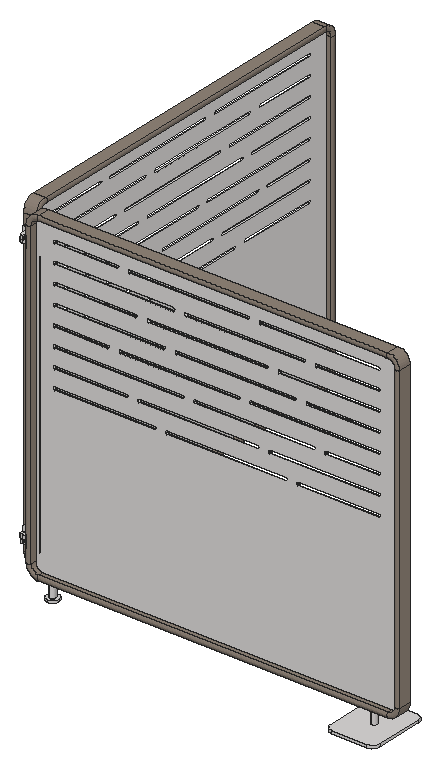
Revit family "Screen-Teknion-ZNFGH_Hinged_Screen-R2019", category Furniture, Revit 2020 (continued)
Forms (in)
  Sweep 20, void
    profile origin (-17.57337, -8.8089, 0) x (0, 1, 0) y (0, 0, 1)
      loop
        arc (52.89084, 48.55214) -> (52.80435, 48.76093) -> (52.59556, 48.84742) r 0.29528
        line (52.59556, 48.84742) -> (42.68036, 48.84742)
        arc (42.68036, 48.84742) -> (42.47157, 48.76093) -> (42.38509, 48.55214) r 0.29528
        arc (42.38509, 48.55214) -> (42.47157, 48.34335) -> (42.68036, 48.25687) r 0.29528
      loop
        line (52.59556, 45.83561) -> (36.68036, 45.83561)
        arc (36.68036, 45.83561) -> (36.47157, 45.74912) -> (36.38509, 45.54033) r 0.29528
        arc (36.38509, 45.54033) -> (36.47157, 45.33154) -> (36.68036, 45.24506) r 0.29528
        line (36.68036, 45.24506) -> (52.59556, 45.24506)
        arc (52.59556, 45.24506) -> (52.80435, 45.33154) -> (52.89084, 45.54033) r 0.29528
        arc (52.89084, 45.54033) -> (52.80435, 45.74912) -> (52.59556, 45.83561) r 0.29528
      loop
        line (34.58981, 45.83561) -> (15.68036, 45.83561)
        arc (15.68036, 45.83561) -> (15.47157, 45.74912) -> (15.38509, 45.54033) r 0.29528
        arc (15.38509, 45.54033) -> (15.47157, 45.33154) -> (15.68036, 45.24506) r 0.29528
        line (15.68036, 45.24506) -> (34.58981, 45.24506)
        arc (34.58981, 45.24506) -> (34.7986, 45.33154) -> (34.88509, 45.54033) r 0.29528
        arc (34.88509, 45.54033) -> (34.7986, 45.74912) -> (34.58981, 45.83561) r 0.29528
      loop
        line (13.58981, 45.83561) -> (0.67462, 45.83561)
        arc (0.67462, 45.83561) -> (0.37934, 45.54033) -> (0.67462, 45.24506) r 0.29528
        line (0.67462, 45.24506) -> (13.58981, 45.24506)
        arc (13.58981, 45.24506) -> (13.7986, 45.33154) -> (13.88509, 45.54033) r 0.29528
        arc (13.88509, 45.54033) -> (13.7986, 45.74912) -> (13.58981, 45.83561) r 0.29528
      loop
        line (19.58981, 48.84742) -> (0.67462, 48.84742)
        arc (0.67462, 48.84742) -> (0.37934, 48.55214) -> (0.67462, 48.25687) r 0.29528
        line (0.67462, 48.25687) -> (19.58981, 48.25687)
        arc (19.58981, 48.25687) -> (19.7986, 48.34335) -> (19.88509, 48.55214) r 0.29528
        arc (19.88509, 48.55214) -> (19.7986, 48.76093) -> (19.58981, 48.84742) r 0.29528
  Sweep 21, void
    path origin (-17.94868, -13.34424, 0) x (1, 0, 0) y (0, 0, 1)
      loop
        line (45.12175, 0) -> (3.12175, 0)
    profile origin (6.17307, -13.34424, 0) x (0, 0, -1) y (0, -1, 0)
      loop
        line (0, -1.95783) -> (0, 0) -> (-55.0595, 0) -> (-55.0595, -1.95783) -> (0, -1.95783)
Cuts and joins
  Sweep 15, Sweep 17, Sweep 18, Sweep 19, Sweep 20 cuts Sweep 8
  Sweep 20 cuts Sweep 16
Lines and regions (in)
  Masking region 1
    outline origin (0, 0, 0) x (1, 0, 0) y (0, 1, 0)
      loop
        line (-18.32439, -12.36177) -> (-18.31008, -13.18168)
        arc (-18.31008, -13.18168) -> (-18.27616, -13.42305) -> (-18.18485, -13.64904) r 1
        line (-18.18485, -13.64904) -> (-18.10743, -13.78871) -> (-17.78938, -13.78871) -> (-17.71196, -13.64904)
        arc (-17.71196, -13.64904) -> (-17.62065, -13.42305) -> (-17.58673, -13.18168) r 1
        line (-17.58673, -13.18168) -> (-17.57242, -12.36177) -> (-18.32439, -12.36177)
  Masking region 2
    outline origin (0, 0, 0) x (1, 0, 0) y (0, 1, 0)
      loop
        line (-18.87032, -12.17381) -> (-18.87032, -12.36181) -> (-17.02676, -12.36181) -> (-17.02676, -12.17381) -> (-18.87032, -12.17381)
  Masking region 3
    outline origin (0, 0, 0) x (1, 0, 0) y (0, 1, 0)
      loop
        arc (-18.93293, 47.82684) -> (-19.04965, 47.64233) -> (-19.09045, 47.42784) r 0.58407
        line (-19.09045, 47.42784) -> (-19.09045, -11.77245)
        arc (-19.09045, -11.77245) -> (-19.04966, -11.98804) -> (-18.93293, -12.17381) r 0.59007
        line (-18.93293, -12.17381) -> (-16.96442, -12.17381)
        arc (-16.96442, -12.17381) -> (-16.84769, -11.98804) -> (-16.8069, -11.77245) r 0.59007
        line (-16.8069, -11.77245) -> (-16.8069, 47.42784)
        arc (-16.8069, 47.42784) -> (-16.84771, 47.64233) -> (-16.96442, 47.82684) r 0.58407
        line (-16.96442, 47.82684) -> (-18.93293, 47.82684)
  Masking region 4
    outline origin (0, 0, 0) x (1, 0, 0) y (0, 1, 0)
      loop
        line (-22.94868, 45.70324) -> (-22.94868, 40.06544)
        arc (-22.94868, 40.06544) -> (-22.60274, 39.23028) -> (-21.76757, 38.88434) r 1.1811
        line (-21.76757, 38.88434) -> (-14.12978, 38.88434)
        arc (-14.12978, 38.88434) -> (-13.29461, 39.23028) -> (-12.94868, 40.06544) r 1.1811
        line (-12.94868, 40.06544) -> (-12.94868, 45.70324)
        arc (-12.94868, 45.70324) -> (-13.29461, 46.5384) -> (-14.12978, 46.88434) r 1.1811
        line (-14.12978, 46.88434) -> (-21.76757, 46.88434)
        arc (-21.76757, 46.88434) -> (-22.60274, 46.5384) -> (-22.94868, 45.70324) r 1.1811
  symbolic lines, style "FurnitureHiddenLines"
    curve 1: line (-17.57159, -12.29881, 0) -> (-18.32576, -12.29881, 0)
    curve 2: line (-18.32576, -12.29881, 0) -> (-18.31405, -12.96992, 0)
    curve 3: line (-18.31405, -12.96992, 0) -> (-17.58331, -12.96992, 0)
    curve 4: line (-17.58331, -12.96992, 0) -> (-17.57159, -12.29881, 0)
  symbolic lines, style "FurnitureHiddenLines", detail levels fine
    curve 5: line (-18.78618, 45.17725, 0) -> (-18.78618, 42.07173, 0)
    curve 6: line (-18.78618, 42.07173, 0) -> (-17.11079, 42.07173, 0)
    curve 7: line (-17.11079, 42.07173, 0) -> (-17.11079, 45.17725, 0)
    curve 8: line (-17.11079, 45.17725, 0) -> (-18.78618, 45.17725, 0)
    curve 9: arc (-17.44821, 42.88413, 0) -> (-17.94821, 43.38413, 0) -> (-18.44821, 42.88413, 0) r 0.5
    curve 10: arc (-18.44821, 42.88413, 0) -> (-17.94821, 42.38413, 0) -> (-17.44821, 42.88413, 0) r 0.5
    curve 11: line (-18.78637, -6.27381, 0) -> (-18.78637, -9.52387, 0)
    curve 12: line (-18.78637, -9.52387, 0) -> (-17.11098, -9.52387, 0)
    curve 13: line (-17.11098, -9.52387, 0) -> (-17.11098, -6.27381, 0)
    curve 14: line (-17.11098, -6.27381, 0) -> (-18.78637, -6.27381, 0)
    curve 15: arc (-17.94897, -7.712, 0) -> (-18.94897, -8.712, 0) -> (-17.94897, -9.712, 0) r 1
    curve 16: arc (-17.94897, -9.712, 0) -> (-16.94897, -8.712, 0) -> (-17.94897, -7.712, 0) r 1
    curve 21: arc (-17.44754, -8.71228, 0) -> (-17.94754, -8.21228, 0) -> (-18.44754, -8.71228, 0) r 0.5
    curve 22: arc (-18.44754, -8.71228, 0) -> (-17.94754, -9.21228, 0) -> (-17.44754, -8.71228, 0) r 0.5
    curve 23: arc (-18.32393, -8.7146, 0) -> (-17.94729, -9.09124, 0) -> (-17.57066, -8.7146, 0) r 0.37663
    curve 24: arc (-17.57066, -8.7146, 0) -> (-17.94729, -8.33797, 0) -> (-18.32393, -8.7146, 0) r 0.37663
  symbolic lines, style "FurnitureHiddenLines", detail levels medium+fine
    curve 17: line (-17.82693, -11.38641, 0) -> (-17.82693, 47.03955, 0)
    curve 18: line (-18.07043, 47.03955, 0) -> (-18.07043, -11.38641, 0)
    curve 19: line (-17.82693, 47.03955, 0) -> (-18.07043, 47.03955, 0)
    curve 20: line (-17.82693, -11.38641, 0) -> (-18.07043, -11.38641, 0)
  reference lines
    curve 25: line (-22.94868, 47.82684, 0) -> (-22.94868, -18.33516, 0)
    curve 26: line (-22.94868, -18.33516, 0) -> (43.21332, -18.33516, 0)
    curve 27: line (-17.94868, -13.34424, 0) -> (43.21332, -13.34424, 0)
    curve 28: line (-17.94868, -13.34424, 0) -> (-17.94868, -5.34424, 0)
Dimensions and locks (in)
  locked: plane 4 "Left" to plane 5 "Right" at 66.162
  "Actual Screen 1 Width": plane 6 "Back" to plane 7 "Front"
  locked: plane 8 "Top" to level at 55.0595
  equal spacing: plane 4 "Left", plane 3 "Center Left/Right", plane 5 "Right"
  equal spacing: plane 6 "Back", plane 1 "Center Front/Back", plane 7 "Front"
  Sweep 1 sketch curve to Sweep 1 sketch curve to plane 2 = 0.105" locked, 2.4575" locked
  plane 7 "Front" to Sweep 1 sketch curve to Sweep 1 sketch curve = 8.81129" locked, 3.25006" locked
  Sweep 1 sketch curve to Sweep 1 sketch curve to plane 4 "Left" = 1.67539" locked, 4.16231" locked
  Sweep 2 sketch curve to Sweep 2 sketch curve to plane 2 = 1.9996" locked, 0.4579" locked
  Sweep 4 sketch curve to Sweep 4 sketch curve to plane 2 = 0.21601" locked, 0.24189" locked
  locked: Sweep 1 sketch curve to plane 7 "Front" at 10.46609
  locked: Sweep 2 sketch curve to plane 7 "Front" at 9.58216
  locked: plane 4 "Left" to Sweep 2 sketch curve at 5.00114
  locked: plane 7 "Front" to Sweep 2 sketch curve at 9.62288
  locked: Sweep 4 sketch curve to plane 7 "Front" at 9.62288
  locked: plane 4 "Left" to Sweep 4 sketch curve at 5.00138
  locked: plane 7 "Front" to Sweep 4 sketch curve at 9.62056
  locked: Sweep 3 sketch curve to plane 2 at 0.24189
  locked: Sweep 3 sketch curve to plane 7 "Front" at 9.7717
  locked: plane 4 "Left" to Sweep 3 sketch curve at 4.99971
  locked: plane 7 "Front" to Sweep 3 sketch curve at 9.62316
  Sweep 5 sketch curve to Sweep 5 sketch curve to plane 6 "Back" = 8.000" locked, 0.9425" locked
  Sweep 6 sketch curve to Sweep 6 sketch curve to plane 2 = 2.0825" locked, 0.375" locked
  Sweep 7 sketch curve to Sweep 7 sketch curve to plane 2 = 0.105" locked, 2.4575" locked
  Sweep 7 sketch curve to Sweep 7 sketch curve to plane 6 "Back" = 3.10552" locked, 2.64959" locked
  Sweep 7 sketch curve to Sweep 7 sketch curve to plane 4 "Left" = 1.67539" locked, 4.1625" locked
  locked: Sweep 5 sketch curve to plane 2 at 0.375
  locked: plane 6 "Back" to Sweep 5 sketch curve at 5.4425
  locked: plane 4 "Left" to Sweep 5 sketch curve at 10
  locked: plane 6 "Back" to Sweep 6 sketch curve at 4.94271
  locked: plane 4 "Left" to Sweep 6 sketch curve at 5.00046
  locked: plane 6 "Back" to Sweep 6 sketch curve at 5.11027
  locked: plane 6 "Back" to Sweep 7 sketch curve at 4.17253
  Sweep 8 sketch curve to Sweep 8 sketch curve to plane 4 "Left" = 0.2435" locked, 4.87825" locked
  plane 8 "Top" to Sweep 8 sketch curve to Sweep 8 sketch curve = 0.78729" locked, 50.92232" locked
  locked: plane 4 "Left" to Sweep 8 sketch curve at 5.12175
  locked: plane 4 "Left" to Sweep 9 sketch curve at 4.19915
  plane 7 "Front" to Sweep 9 sketch curve to Sweep 9 sketch curve = 5.97335" locked, 0.188" locked
  Sweep 9 sketch curve to Sweep 9 sketch curve to Sweep 9 sketch curve to Sweep 9 sketch curve to Sweep 9 sketch curve to Sweep 9 sketch curve to plane 4 "Left" = 0.39364" locked, 0.000" locked, 1.05655" locked, 0.000" locked, 0.39364" locked, 4.07808" locked
  plane 8 "Top" to Sweep 9 sketch curve to Sweep 9 sketch curve = 3.59179" locked, 2.20805" locked
  locked: Sweep 11 sketch curve to plane 7 "Front" at 6.03635
  plane 8 "Top" to Sweep 11 sketch curve to Sweep 11 sketch curve = 4.14666" locked, 0.54377" locked
  plane 4 "Left" to Sweep 11 sketch curve to Sweep 11 sketch curve to Sweep 11 sketch curve to Sweep 11 sketch curve to Sweep 11 sketch curve to Sweep 11 sketch curve = 4.62401" locked, 0.01431" locked, 0.20265" locked, 0.31805" locked, 0.20265" locked, 0.01431" locked
  plane 7 "Front" to Sweep 11 sketch curve to Sweep 11 sketch curve = 4.54645" locked, 1.42694" locked
  plane 4 "Left" to Sweep 10 sketch curve to Sweep 10 sketch curve to Sweep 10 sketch curve to Sweep 10 sketch curve = 4.62292" locked, 0.01171" locked, 0.73074" locked, 0.01171" locked
  plane 7 "Front" to Sweep 10 sketch curve to Sweep 10 sketch curve = 5.36524" locked, 0.67111" locked
  plane 8 "Top" to Sweep 10 sketch curve to Sweep 10 sketch curve = 4.69044" locked, 0.58121" locked
  locked: Sweep 10 sketch curve to plane 7 "Front" at 5.36524
  plane 7 "Front" to Sweep 12 sketch curve to Sweep 12 sketch curve = 5.97335" locked, 0.188" locked
  Sweep 12 sketch curve to Sweep 12 sketch curve to Sweep 12 sketch curve to Sweep 12 sketch curve to Sweep 12 sketch curve to Sweep 12 sketch curve to plane 4 "Left" = 0.39364" locked, 0.000" locked, 1.05655" locked, 0.000" locked, 0.39364" locked, 4.07836" locked
  Sweep 12 sketch curve to Sweep 12 sketch curve to plane 2 = 2.20805" locked, 6.14432" locked
  Sweep 14 sketch curve to Sweep 14 sketch curve to plane 2 = 0.54377" locked, 6.67251" locked
  plane 4 "Left" to Sweep 14 sketch curve to Sweep 14 sketch curve to Sweep 14 sketch curve to Sweep 14 sketch curve to Sweep 14 sketch curve to Sweep 14 sketch curve = 4.62429" locked, 0.01431" locked, 0.20265" locked, 0.31805" locked, 0.20265" locked, 0.01431" locked
  plane 7 "Front" to Sweep 14 sketch curve to Sweep 14 sketch curve = 4.54645" locked, 1.42694" locked
  Sweep 13 sketch curve to Sweep 13 sketch curve to Sweep 13 sketch curve to Sweep 13 sketch curve = 0.01171" locked, 0.73074" locked, 0.01171" locked
  locked: Sweep 13 sketch curve to Sweep 13 sketch curve at 0.67111
  Sweep 13 sketch curve to Sweep 13 sketch curve to plane 2 = 0.58121" locked, 7.21629" locked
  locked: plane 4 "Left" to Sweep 12 sketch curve at 4.19942
  locked: Sweep 13 sketch curve to plane 7 "Front" at 5.36524
  locked: Sweep 14 sketch curve to plane 7 "Front" at 6.03635
  plane 6 "Back" to Sweep 16 sketch curve to Sweep 16 sketch curve to Sweep 16 sketch curve = 0.7874" locked, 1.1811" locked, 0.000" locked
  Sweep 16 sketch curve to Sweep 16 sketch curve to Sweep 16 sketch curve to plane 7 "Front" = 0.000" locked, 1.1811" locked, 6.94875" locked
  plane 8 "Top" to Sweep 16 sketch curve to Sweep 16 sketch curve to Sweep 16 sketch curve to Sweep 16 sketch curve to Sweep 16 sketch curve to Sweep 16 sketch curve = 0.7874" locked, 1.1811" locked, 0.000" locked, 48.560" locked, 0.000" locked, 1.1811" locked
  Sweep 16 sketch curve to Sweep 16 sketch curve to plane 4 "Left" = 1.14254" locked, 4.42913" locked
  plane 8 "Top" to Sweep 16 sketch curve to Sweep 16 sketch curve to Sweep 16 sketch curve = 0.3937" locked, 0.000" locked, 0.3937" locked
  locked: plane 6 "Back" to Sweep 8 sketch curve at 0.78729
  locked: plane 7 "Front" to Sweep 8 sketch curve at 6.94875
  plane 6 "Back" to Masking region 3 sketch curve to Masking region 3 sketch curve = 0.39899" locked, 0.000" locked
  plane 4 "Left" to Masking region 3 sketch curve to Masking region 3 sketch curve to Masking region 3 sketch curve to Masking region 3 sketch curve to Masking region 3 sketch curve to Masking region 3 sketch curve = 3.85822" locked, 0.58407" locked, 0.00601" locked, 1.10341" locked, 0.00601" locked, 0.58407" locked
  plane 7 "Front" to Masking region 3 sketch curve to Masking region 3 sketch curve to Masking region 3 sketch curve = 6.16135" locked, 0.40136" locked, 0.000" locked
  "42" Slot Screen 1 Partial": Sweep 17 sketch curve to plane 2
  "36" Slot Screen 1 Partial": Sweep 15 sketch curve to plane 2
  "54" Slot Screen 1 Partial": Sweep 19 sketch curve to plane 2
  "60" Slot Screen 1 Partial": Sweep 20 sketch curve to plane 2
  Sweep 15 sketch curve to Sweep 15 sketch curve to Sweep 15 sketch curve to Sweep 15 sketch curve to Sweep 15 sketch curve to Sweep 15 sketch curve to Sweep 15 sketch curve to Sweep 15 sketch curve to Sweep 15 sketch curve to Sweep 15 sketch curve to Sweep 15 sketch curve to Sweep 15 sketch curve to Sweep 15 sketch curve to Sweep 15 sketch curve to Sweep 15 sketch curve to Sweep 15 sketch curve to Sweep 15 sketch curve to Sweep 15 sketch curve to Sweep 15 sketch curve to Sweep 15 sketch curve to Sweep 15 sketch curve to Sweep 15 sketch curve to Sweep 15 sketch curve to Sweep 15 sketch curve to Sweep 15 sketch curve to Sweep 15 sketch curve to Sweep 15 sketch curve to Sweep 15 sketch curve to Sweep 15 sketch curve to Sweep 15 sketch curve to Sweep 15 sketch curve to Sweep 15 sketch curve = 0.00391" locked, 0.58664" locked, 0.00391" locked, 2.41735" locked, 0.000" locked, 0.59055" locked, 0.000" locked, 2.42126" locked, 0.000" locked, 0.59055" locked, 0.000" locked, 2.42126" locked, 0.000" locked, 0.59055" locked, 0.000" locked, 2.42126" locked, 0.000" locked, 0.59055" locked, 0.000" locked, 2.42126" locked, 0.000" locked, 0.59055" locked, 0.000" locked, 2.42126" locked, 0.000" locked, 0.59055" locked, 0.000" locked, 2.42126" locked, 0.000" locked, 0.59055" locked, 0.000" locked
  Sweep 17 sketch curve to Sweep 17 sketch curve to Sweep 17 sketch curve to Sweep 17 sketch curve to Sweep 17 sketch curve to Sweep 17 sketch curve to Sweep 17 sketch curve to Sweep 17 sketch curve to Sweep 17 sketch curve to Sweep 17 sketch curve to Sweep 17 sketch curve to Sweep 17 sketch curve to Sweep 17 sketch curve to Sweep 17 sketch curve to Sweep 17 sketch curve to Sweep 17 sketch curve to Sweep 17 sketch curve to Sweep 17 sketch curve to Sweep 17 sketch curve to Sweep 17 sketch curve to Sweep 17 sketch curve to Sweep 17 sketch curve to Sweep 17 sketch curve to Sweep 17 sketch curve to Sweep 17 sketch curve to Sweep 17 sketch curve to Sweep 17 sketch curve to Sweep 17 sketch curve to Sweep 17 sketch curve to Sweep 17 sketch curve to Sweep 17 sketch curve to Sweep 17 sketch curve to Sweep 17 sketch curve to Sweep 17 sketch curve to Sweep 17 sketch curve to Sweep 17 sketch curve to Sweep 17 sketch curve to Sweep 17 sketch curve to Sweep 17 sketch curve to Sweep 17 sketch curve = 0.000" locked, 0.59055" locked, 0.000" locked, 2.42126" locked, 0.000" locked, 0.59055" locked, 0.000" locked, 2.42126" locked, 0.000" locked, 0.000" locked, 0.59055" locked, 0.000" locked, 0.000" locked, 2.42126" locked, 0.000" locked, 0.000" locked, 0.59055" locked, 0.000" locked, 0.000" locked, 2.42126" locked, 0.000" locked, 0.59055" locked, 0.000" locked, 2.42126" locked, 0.000" locked, 0.59055" locked, 0.000" locked, 2.42126" locked, 0.000" locked, 0.000" locked, 0.59055" locked, 0.000" locked, 0.000" locked, 2.42126" locked, 0.000" locked, 0.000" locked, 0.59055" locked, 0.000" locked, 0.000" locked
  locked: Sweep 17 sketch curve to plane 1 "Center Front/Back" at 11.67815
  plane 4 "Left" to Sweep 17 sketch curve to Sweep 17 sketch curve = 1.92634" locked, 6.750" locked
  "48" Slot Screen 1 Partial": Sweep 18 sketch curve to plane 2
  Sweep 18 sketch curve to Sweep 18 sketch curve to Sweep 18 sketch curve to Sweep 18 sketch curve to Sweep 18 sketch curve to Sweep 18 sketch curve to Sweep 18 sketch curve to Sweep 18 sketch curve to Sweep 18 sketch curve to Sweep 18 sketch curve to Sweep 18 sketch curve to Sweep 18 sketch curve to Sweep 18 sketch curve to Sweep 18 sketch curve to Sweep 18 sketch curve to Sweep 18 sketch curve to Sweep 18 sketch curve to Sweep 18 sketch curve to Sweep 18 sketch curve to Sweep 18 sketch curve to Sweep 18 sketch curve to Sweep 18 sketch curve to Sweep 18 sketch curve to Sweep 18 sketch curve to Sweep 18 sketch curve to Sweep 18 sketch curve to Sweep 18 sketch curve to Sweep 18 sketch curve to Sweep 18 sketch curve to Sweep 18 sketch curve to Sweep 18 sketch curve to Sweep 18 sketch curve to Sweep 18 sketch curve to Sweep 18 sketch curve to Sweep 18 sketch curve to Sweep 18 sketch curve to Sweep 18 sketch curve to Sweep 18 sketch curve to Sweep 18 sketch curve to Sweep 18 sketch curve to Sweep 18 sketch curve to Sweep 18 sketch curve to Sweep 18 sketch curve to Sweep 18 sketch curve to Sweep 18 sketch curve to Sweep 18 sketch curve to Sweep 18 sketch curve to Sweep 18 sketch curve = 0.000" locked, 0.000" locked, 0.59055" locked, 0.000" locked, 0.000" locked, 2.42126" locked, 0.000" locked, 0.000" locked, 0.59055" locked, 0.000" locked, 0.000" locked, 2.42126" locked, 0.000" locked, 0.000" locked, 0.59055" locked, 0.000" locked, 0.000" locked, 2.42126" locked, 0.000" locked, 0.000" locked, 0.59055" locked, 0.000" locked, 0.000" locked, 2.42126" locked, 0.000" locked, 0.000" locked, 0.59055" locked, 0.000" locked, 0.000" locked, 2.42126" locked, 0.000" locked, 0.000" locked, 0.59055" locked, 0.000" locked, 0.000" locked, 2.42126" locked, 0.000" locked, 0.000" locked, 0.59055" locked, 0.000" locked, 0.000" locked, 2.42126" locked, 0.000" locked, 0.000" locked, 0.59055" locked, 0.000" locked, 0.000" locked
  plane 4 "Left" to Sweep 18 sketch curve to Sweep 18 sketch curve = 1.93278" locked, 6.750" locked
  locked: Sweep 18 sketch curve to plane 1 "Center Front/Back" at 14.43249
  Sweep 19 sketch curve to Sweep 19 sketch curve to Sweep 19 sketch curve to Sweep 19 sketch curve to Sweep 19 sketch curve to Sweep 19 sketch curve to Sweep 19 sketch curve to Sweep 19 sketch curve to Sweep 19 sketch curve to Sweep 19 sketch curve to Sweep 19 sketch curve to Sweep 19 sketch curve to Sweep 19 sketch curve to Sweep 19 sketch curve to Sweep 19 sketch curve to Sweep 19 sketch curve to Sweep 19 sketch curve to Sweep 19 sketch curve to Sweep 19 sketch curve to Sweep 19 sketch curve to Sweep 19 sketch curve to Sweep 19 sketch curve to Sweep 19 sketch curve to Sweep 19 sketch curve to Sweep 19 sketch curve to Sweep 19 sketch curve to Sweep 19 sketch curve to Sweep 19 sketch curve to Sweep 19 sketch curve to Sweep 19 sketch curve to Sweep 19 sketch curve to Sweep 19 sketch curve to Sweep 19 sketch curve to Sweep 19 sketch curve to Sweep 19 sketch curve to Sweep 19 sketch curve to Sweep 19 sketch curve to Sweep 19 sketch curve to Sweep 19 sketch curve to Sweep 19 sketch curve to Sweep 19 sketch curve to Sweep 19 sketch curve to Sweep 19 sketch curve to Sweep 19 sketch curve to Sweep 19 sketch curve to Sweep 19 sketch curve to Sweep 19 sketch curve to Sweep 19 sketch curve = 0.000" locked, 0.000" locked, 0.59055" locked, 0.000" locked, 0.000" locked, 2.42126" locked, 0.000" locked, 0.000" locked, 0.59055" locked, 0.000" locked, 0.000" locked, 2.42126" locked, 0.000" locked, 0.000" locked, 0.59055" locked, 0.000" locked, 0.000" locked, 2.42126" locked, 0.000" locked, 0.000" locked, 0.59055" locked, 0.000" locked, 0.000" locked, 2.42126" locked, 0.000" locked, 0.000" locked, 0.59055" locked, 0.000" locked, 0.000" locked, 2.42126" locked, 0.000" locked, 0.000" locked, 0.59055" locked, 0.000" locked, 0.000" locked, 2.42126" locked, 0.000" locked, 0.000" locked, 0.59055" locked, 0.000" locked, 0.000" locked, 2.42126" locked, 0.000" locked, 0.000" locked, 0.59055" locked, 0.000" locked, 0.000" locked
  plane 4 "Left" to Sweep 19 sketch curve to Sweep 19 sketch curve = 1.9198" locked, 6.750" locked
  locked: Sweep 19 sketch curve to plane 1 "Center Front/Back" at 20.5599
  Sweep 20 sketch curve to Sweep 20 sketch curve to Sweep 20 sketch curve to Sweep 20 sketch curve to Sweep 20 sketch curve to Sweep 20 sketch curve to Sweep 20 sketch curve to Sweep 20 sketch curve to Sweep 20 sketch curve to Sweep 20 sketch curve to Sweep 20 sketch curve to Sweep 20 sketch curve to Sweep 20 sketch curve to Sweep 20 sketch curve to Sweep 20 sketch curve to Sweep 20 sketch curve to Sweep 20 sketch curve to Sweep 20 sketch curve to Sweep 20 sketch curve to Sweep 20 sketch curve to Sweep 20 sketch curve to Sweep 20 sketch curve to Sweep 20 sketch curve to Sweep 20 sketch curve to Sweep 20 sketch curve to Sweep 20 sketch curve to Sweep 20 sketch curve to Sweep 20 sketch curve to Sweep 20 sketch curve to Sweep 20 sketch curve to Sweep 20 sketch curve to Sweep 20 sketch curve to Sweep 20 sketch curve to Sweep 20 sketch curve to Sweep 20 sketch curve to Sweep 20 sketch curve to Sweep 20 sketch curve to Sweep 20 sketch curve to Sweep 20 sketch curve to Sweep 20 sketch curve to Sweep 20 sketch curve to Sweep 20 sketch curve to Sweep 20 sketch curve to Sweep 20 sketch curve to Sweep 20 sketch curve to Sweep 20 sketch curve to Sweep 20 sketch curve to Sweep 20 sketch curve = 0.000" locked, 0.000" locked, 0.59055" locked, 0.000" locked, 0.000" locked, 2.42126" locked, 0.000" locked, 0.000" locked, 0.59055" locked, 0.000" locked, 0.000" locked, 2.42126" locked, 0.000" locked, 0.000" locked, 0.59055" locked, 0.000" locked, 0.000" locked, 2.42126" locked, 0.000" locked, 0.000" locked, 0.59055" locked, 0.000" locked, 0.000" locked, 2.42126" locked, 0.000" locked, 0.000" locked, 0.59055" locked, 0.000" locked, 0.000" locked, 2.42126" locked, 0.000" locked, 0.000" locked, 0.59055" locked, 0.000" locked, 0.000" locked, 2.42126" locked, 0.000" locked, 0.000" locked, 0.59055" locked, 0.000" locked, 0.000" locked, 2.42126" locked, 0.000" locked, 0.000" locked, 0.59055" locked, 0.000" locked, 0.000" locked
  plane 4 "Left" to Sweep 20 sketch curve to Sweep 20 sketch curve = 1.87531" locked, 7.000" locked
  locked: Sweep 20 sketch curve to plane 1 "Center Front/Back" at 23.55474
  plane 4 "Left" to Sweep 15 sketch curve to Sweep 15 sketch curve = 1.92535" locked, 6.71929" locked
  locked: plane 1 "Center Front/Back" to Sweep 15 sketch curve at 8.38178
  locked: plane 4 "Left" to plane 9 at 3.85822
  "Actual Screen 2 Width": curve 26 to curve 26
  locked: plane 4 "Left" to plane 10 at 5
  locked: plane 7 "Front" to plane 11 at 3.85652
  locked: curve 27 to curve 27 at 61.162
  locked: curve 28 to curve 28 at 8
  locked: Sweep 21 sketch curve to Sweep 21 sketch curve at 42
  locked: Sweep 21 sketch curve to curve 28 at 3.12175
  locked: Sweep 21 sketch curve to Sweep 21 sketch curve at 1.95783
  locked: Sweep 21 sketch curve to Sweep 21 sketch curve at 55.0595
  locked: curve 28 to nested 3 at 41.28125
  locked: nested 3 to plane 2 at 30.99907
  "Angle": angle curve 27 to plane 10
  locked: curve 27 to curve 28 (angle 90.00°)
  aligned and locked: level to plane 2
  aligned and locked: plane 2 to Sweep 3 sketch curve
  aligned and locked: plane 2 to Sweep 5 sketch curve
  aligned and locked: Sweep 5 sketch curve to plane 4 "Left"
  aligned and locked: plane 8 "Top" to Sweep 16 sketch curve
  aligned and locked: Masking region 1 sketch curve to Sweep 14  (x6)
  aligned and locked: Masking region 2 sketch curve to Sweep 12  (x2)
  aligned and locked: Masking region 2 sketch curve to Sweep 9  (x2)
  aligned and locked: Masking region 3 sketch curve to plane 6 "Back"
  aligned and locked: curve 1 to Sweep 10
  aligned and locked: curve 2 to Sweep 10
  aligned and locked: curve 3 to Sweep 10
  aligned and locked: curve 4 to Sweep 10
  aligned and locked: curve 5 to Sweep 7
  aligned and locked: curve 6 to Sweep 7
  aligned and locked: curve 7 to Sweep 7
  aligned and locked: curve 8 to Sweep 7
  aligned and locked: curve 9 to Sweep 6
  aligned and locked: curve 10 to Sweep 6
  aligned and locked: curve 11 to Sweep 1
  aligned and locked: curve 12 to Sweep 1
  aligned and locked: curve 13 to Sweep 1
  aligned and locked: curve 14 to Sweep 1
  aligned and locked: curve 15 to Sweep 3
  aligned and locked: curve 16 to Sweep 3
  aligned and locked: curve 21 to Sweep 2
  aligned and locked: curve 22 to Sweep 2
  aligned and locked: curve 23 to Sweep 4
  aligned and locked: curve 24 to Sweep 4
  aligned and locked: Masking region 4 sketch curve to Sweep 5  (x4)
  aligned and locked: plane 9 to nested 1
  aligned and locked: nested 2 to plane 6 "Back"
  aligned and locked: plane 4 "Left" to nested 2
  aligned and locked: curve 25 to plane 4 "Left"
  aligned and locked: curve 17 to cut or joined group of Sweep 8, Sweep 15, Sweep 17, Sweep 18, Sweep 19, Sweep 20
  aligned and locked: curve 18 to cut or joined group of Sweep 8, Sweep 15, Sweep 17, Sweep 18, Sweep 19, Sweep 20
  aligned and locked: curve 19 to cut or joined group of Sweep 8, Sweep 15, Sweep 17, Sweep 18, Sweep 19, Sweep 20
  aligned and locked: curve 20 to cut or joined group of Sweep 8, Sweep 15, Sweep 17, Sweep 18, Sweep 19, Sweep 20
  aligned and locked: nested 1 to plane 11
  aligned and locked: plane 10 to curve 27
  aligned and locked: plane 12 to curve 27
  aligned and locked: Sweep 21 sketch curve to curve 27
  aligned and locked: plane 2 to Sweep 21 sketch curve
Automatic sketch dimensions
  Sweep 5 sketch curve to Sweep 5 sketch curve = 1.1811"  (x4)
  Sweep 11 sketch curve to Sweep 11 sketch curve = 0.62448"  (x2)
  Sweep 11 sketch curve to Sweep 11 sketch curve = 0.01745"  (x2)
  Sweep 11 sketch curve to Sweep 11 sketch curve = 0.13967"  (x2)
  Sweep 11 sketch curve to Sweep 11 sketch curve = 0.2765"
  Sweep 11 sketch curve to Sweep 11 sketch curve = 0.07742"
  profile plane to Sweep 13 sketch curve = 0.000"
  Sweep 13 sketch curve to profile plane = 16.45796"
  Sweep 14 sketch curve to Sweep 14 sketch curve = 0.62448"  (x2)
  Sweep 14 sketch curve to Sweep 14 sketch curve = 0.01745"  (x2)
  Sweep 14 sketch curve to Sweep 14 sketch curve = 0.13967"  (x2)
  Sweep 14 sketch curve to Sweep 14 sketch curve = 0.2765"
  Sweep 14 sketch curve to Sweep 14 sketch curve = 0.07742"
  Sweep 15 sketch curve to Sweep 15 sketch curve = 0.000"  (x21)
  profile plane to Sweep 15 sketch curve = 19.25808"
  Sweep 15 sketch curve to Sweep 15 sketch curve = 3.9122"
  Sweep 15 sketch curve to Sweep 15 sketch curve = 5.41202"
  Sweep 15 sketch curve to Sweep 15 sketch curve = 2.08768"
  Sweep 15 sketch curve to Sweep 15 sketch curve = 1.49988"
  Sweep 15 sketch curve to Sweep 15 sketch curve = 2.08795"
  Sweep 15 sketch curve to Sweep 15 sketch curve = 0.91205"
  Sweep 15 sketch curve to Sweep 15 sketch curve = 2.0881"
  Sweep 15 sketch curve to Sweep 15 sketch curve = 2.09021"
  profile plane to Sweep 15 sketch curve = 1.84606"
  profile plane to Sweep 15 sketch curve = 0.34521"
  Sweep 15 sketch curve to profile plane = 0.24084"
  Sweep 15 sketch curve to profile plane = 1.15394"
  Sweep 15 sketch curve to profile plane = 1.74417"
  Sweep 15 sketch curve to profile plane = 2.65394"
  Sweep 15 sketch curve to Sweep 15 sketch curve = 2.09055"  (x2)
  Sweep 15 sketch curve to Sweep 15 sketch curve = 5.41838"
  Sweep 15 sketch curve to Sweep 15 sketch curve = 3.91838"
  Sweep 16 sketch curve to Sweep 16 sketch curve = 0.41339"
  Sweep 16 sketch curve to Sweep 16 sketch curve = 0.41258"
  Masking region 1 sketch curve to Masking region 1 sketch curve = 0.2765"
  Masking region 1 sketch curve to plane 7 "Front" = 4.68612"  (x2)
  Masking region 1 sketch curve to Masking region 1 sketch curve = 0.07742"
  Masking region 1 sketch curve to plane 7 "Front" = 5.15348"
  Masking region 1 sketch curve to Masking region 1 sketch curve = 0.75197"
  profile plane to Sweep 17 sketch curve = 2.20197"  (x8)
  Sweep 17 sketch curve to profile plane = 0.21323"
  Sweep 17 sketch curve to profile plane = 1.71323"
  Sweep 17 sketch curve to Sweep 17 sketch curve = 2.09055"  (x12)
  Sweep 17 sketch curve to Sweep 17 sketch curve = 2.40945"  (x5)
  Sweep 17 sketch curve to Sweep 17 sketch curve = 3.90945"
  Sweep 17 sketch curve to Sweep 17 sketch curve = 6.90945"
  Sweep 17 sketch curve to Sweep 17 sketch curve = 9.90945"
  Sweep 17 sketch curve to Sweep 17 sketch curve = 0.90945"  (x2)
  Sweep 17 sketch curve to Sweep 17 sketch curve = 3.9152"
  Sweep 17 sketch curve to Sweep 17 sketch curve = 6.9152"
  Sweep 17 sketch curve to Sweep 17 sketch curve = 0.000"  (x5)
  Sweep 17 sketch curve to Sweep 17 sketch curve = 2.4152"
  Sweep 18 sketch curve to Sweep 18 sketch curve = 0.000"  (x47)
  profile plane to Sweep 18 sketch curve = 2.44764"  (x5)
  profile plane to Sweep 18 sketch curve = 0.03244"
  Sweep 18 sketch curve to profile plane = 1.46756"
  Sweep 18 sketch curve to profile plane = 2.05811"
  Sweep 18 sketch curve to profile plane = 2.96756"
  Sweep 18 sketch curve to Sweep 18 sketch curve = 2.09055"  (x13)
  Sweep 18 sketch curve to profile plane = 4.46756"
  Sweep 18 sketch curve to Sweep 18 sketch curve = 2.40945"  (x5)
  Sweep 18 sketch curve to Sweep 18 sketch curve = 1.79528"  (x2)
  Sweep 18 sketch curve to Sweep 18 sketch curve = 3.90945"  (x2)
  Sweep 18 sketch curve to Sweep 18 sketch curve = 0.90945"  (x3)
  Sweep 18 sketch curve to Sweep 18 sketch curve = 6.90945"
  Sweep 18 sketch curve to Sweep 18 sketch curve = 9.90945"
  Sweep 18 sketch curve to Sweep 18 sketch curve = 2.4152"  (x3)
  Sweep 18 sketch curve to Sweep 18 sketch curve = 3.9152"
  Sweep 19 sketch curve to Sweep 19 sketch curve = 0.000"  (x47)
  Sweep 19 sketch curve to profile plane = 0.67978"  (x8)
  Sweep 19 sketch curve to Sweep 19 sketch curve = 5.4152"  (x2)
  Sweep 19 sketch curve to Sweep 19 sketch curve = 6.9152"
  Sweep 19 sketch curve to Sweep 19 sketch curve = 2.09055"  (x16)
  Sweep 19 sketch curve to Sweep 19 sketch curve = 0.90945"  (x6)
  Sweep 19 sketch curve to Sweep 19 sketch curve = 2.40945"  (x4)
  Sweep 19 sketch curve to Sweep 19 sketch curve = 3.90945"  (x2)
  Sweep 19 sketch curve to Sweep 19 sketch curve = 6.90945"
  Sweep 19 sketch curve to Sweep 19 sketch curve = 9.90945"
  Sweep 20 sketch curve to Sweep 20 sketch curve = 0.000"  (x46)
  Sweep 20 sketch curve to profile plane = 0.67462"  (x8)
  Sweep 20 sketch curve to Sweep 20 sketch curve = 8.4152"  (x2)
  Sweep 20 sketch curve to Sweep 20 sketch curve = 9.9152"  (x2)
  Sweep 20 sketch curve to Sweep 20 sketch curve = 2.09055"  (x16)
  Sweep 20 sketch curve to Sweep 20 sketch curve = 0.90945"  (x4)
  Sweep 20 sketch curve to Sweep 20 sketch curve = 2.40945"  (x6)
  Sweep 20 sketch curve to Sweep 20 sketch curve = 3.90945"  (x2)
  Sweep 20 sketch curve to Sweep 20 sketch curve = 6.90945"
  Sweep 20 sketch curve to Sweep 20 sketch curve = 9.90945"
  curve 25 to plane 7 "Front" = 0.000"
  curve 25 to plane 6 "Back" = 0.000"
  Sweep 21 sketch curve to profile plane = 0.000"
  radius of Sweep 2 sketch curve = 0.500"
  radius of Sweep 3 sketch curve = 1.000"
  radius of Sweep 4 sketch curve = 0.37663"
  radius of Sweep 6 sketch curve = 0.500"
Nested families (in)
  nested 1: "Teknion_2D_Node_Family-R2016" at (-19.09045, -14.47864, 0), type "Teknion_2D_Node_Family-R2016"
  nested 2: "Teknion_2D_Node_Family-R2016" at (-22.94868, 47.82684, 0), type "Teknion_2D_Node_Family-R2016"
  nested 3: "Screen-Teknion-Hinged_Screen(Face based)_2-R2019" at (23.33257, -13.34424, 30.99907) x (1, 0, 0) z (0, -1, 0), Partial Slot Screen 2 <- "Partial Slot Screen 2", Paint Finish <- "Paint Finish", Screen Finish <- "Screen Finish", Trim Wood Finish <- "Trim Wood Finish", Screen 2 Width <- "Screen 2 Width", type "Screen-Teknion-Hinged_Screen(Face based)_2-R2019"
    with Trim Wood Finish Veneer - Teknion - BR - Greystone Beech, Screen Finish Laminate - Teknion - 2T -Crisp Grey, Screen 2 Width 60.000", Partial Slot Screen 2 yes, Paint Finish Seamless Paint - Teknion - 25 - Crisp Grey
Definition of nested family "Screen-Teknion-Hinged_Screen(Face based)_2-R2019"
  Parameters (values of type "Screen-Teknion-Hinged_Screen(Face based)_2-R2019")
    Trim Wood Finish [instance] = none
    Screen Finish [instance] = none
    Screen 2 Width [instance] = 48.000"
    Partial Slot Screen 2 [instance] = yes
    Paint Finish [instance] = none
    Default Elevation = 48.000"
  Reference planes (in)
    plane 1 "Center (Front/Back)": y = 0
    plane 2: z = 0
    plane 3 "Center (Left/Right)": x = 0
  Forms (in)
    Extrusion 1, solid
      sketch origin (0, 0, 0) x (1, 0, 0) y (0, 1, 0)
        loop
          line (-48, 48) -> (-48, -48) -> (48, -48) -> (48, 48) -> (-48, 48)
      from 0 to -12
  Dimensions and locks (in)
    locked: plane 1 "Center (Front/Back)" to nested 1 at 24.0595
    locked: nested 1 to plane 3 "Center (Left/Right)" at 40.11962
    aligned and locked: plane 2 to Extrusion 1
    aligned and locked: level to Extrusion 1
    aligned and locked: nested 1 to Extrusion 1
  Nested families (in)
    nested 1: "Screen-Teknion-Hinged_Screen_2-R2019" at (-23.33105, -31, -13.34424) x (1, 0, 0) z (0, 1, 0), Screen Finish <- "Screen Finish", Paint Finish <- "Paint Finish", Trim Wood Finish <- "Trim Wood Finish", Partial Slot Screen 2 <- "Partial Slot Screen 2", Screen 2 Width <- "Screen 2 Width", type "Screen 2"
      with Trim Wood Finish none, To render please download texture images found here "https://assets.teknion.com/web/5e81352c1dfdb467/revit-material-swatches/", Slot yes, Screen Finish none, Screen 2 Width 48.000", Partial Slot Screen 2 yes, Paint Finish none, How To Use Teknion Materials User Guide "https://assets.teknion.com/m/205dd0a49fa58060/original/How-to-add-a-Material-Library-and-Texture-Images-to-your-Revit-project.pdf", For Additional Finishes please visit "https://assets.teknion.com/m/44a8009b046e5d47/original/Teknion_Materials_Library.zip", Actual Screen 2 Width 54.162", 60" Slot Screen 2 Partial 60.000", 54" Slot Screen 2 Partial 60.000", 48" Slot Screen 2 Partial 30.186", 42" Slot Screen 2 Partial 60.000", 36" Slot Screen 2 Partial 60.000"
  Definition of nested family "Screen-Teknion-Hinged_Screen_2-R2019"
    Parameters (values of type "Screen 2")
      Warranty = "http://www.teknion.com/ca/papers/legal-canada"
      Unit Weight URL = "http://www.teknion.com/ca/tools/assets#&asset=bee6a381-b954-425e-8283-5a2de3a804f2,f828d448-4b62-4231-9e5f-9a8991c0ed77"
      URL = "www.teknion.com"
      Trim Wood Finish [instance] = none
      To render please download texture images found here [instance] = "https://assets.teknion.com/web/5e81352c1dfdb467/revit-material-swatches/"
      Sustainability Data = "https://www.teknion.com/ca/tools/assets#&topic=216f99a5-57a0-44fc-b10a-9dee9b29ae4c&asset=444deb64-fe58-4b68-981e-f75e97781df7,b4ff2d81-9f2e-437d-9659-7cffb09c31cf"
      Slot [instance] = Partial Slot Screen 2  # yes
      Series = "Screens"
      Screen Finish [instance] = none
      Screen 2 Width [instance] = 48.000"
      Product Page URL = "https://www.teknion.com/ca/products/product-details?productlineid=b28c7a6e-8e7a-673b-a6c8-ff64004460c4"
      Product Line = "Zones"
      Product Documentation Link = "https://www.teknion.com/pricing/zones/pdfs/ZNFGH_ppg.pdf"
      Partial Slot Screen 2 [instance] = yes
      Part Number = "ZNFGH"
      Paint Finish [instance] = none
      Model = ""
      Manufacturer Phone = "416-661-3370"  # constant formula
      Manufacturer Fax = "416.661.4586"  # constant formula
      Manufacturer Contact Information = "http://www.teknion.com/ca/contactus"
      Manufacturer Address = "1150 Flint Road, Toronto, ON. M3J 2J5. Canada"  # constant formula
      Manufacturer = "Teknion"  # constant formula
      How To Use Teknion Materials User Guide [instance] = "https://assets.teknion.com/m/205dd0a49fa58060/original/How-to-add-a-Material-Library-and-Texture-Images-to-your-Revit-project.pdf"
      For Additional Finishes please visit [instance] = "https://assets.teknion.com/m/44a8009b046e5d47/original/Teknion_Materials_Library.zip"
      Description = ""
      Default Elevation = 48.000"
      Assembly Code = "E2020200"
      Actual Screen 2 Width [instance] = if(Screen 2 Width = 36.000", 42.162", if(Screen 2 Width = 42.000", 48.162", if(Screen 2 Width = 48.000", 54.162", if(Screen 2 Width = 54.000", 60.162", 66.162"))))  # 54.162"
      60" Slot Screen 2 Partial [instance] = if(and(Partial Slot Screen 2, Screen 2 Width = 60.000"), 30.186", 60.000")  # 60.000"
      54" Slot Screen 2 Partial [instance] = if(and(Partial Slot Screen 2, Screen 2 Width = 54.000"), 30.186", 60.000")  # 60.000"
      48" Slot Screen 2 Partial [instance] = if(and(Partial Slot Screen 2, Screen 2 Width = 48.000"), 30.186", 60.000")  # 30.186"
      42" Slot Screen 2 Partial [instance] = if(and(Partial Slot Screen 2, Screen 2 Width = 42.000"), 30.186", 60.000")  # 60.000"
      36" Slot Screen 2 Partial [instance] = if(and(Partial Slot Screen 2, Screen 2 Width = 36.000"), 30.186", 60.000")  # 60.000"
    Reference planes (in)
      plane 1 "Center Front/Back": y = 14.74584
      plane 2: z = 0
      plane 3 "Center Left/Right": x = 4.13232
      plane 4 "Left": x = -22.94868
      plane 5 "Right": x = 31.21332
      plane 6 "Back": y = 47.82684
      plane 7 "Front": y = -18.33516
      plane 8 "Top": z = 55.0595
      plane 9: y = -14.47864
    Forms (in)
      Sweep 1, solid, material <- "Paint Finish"
        path origin (0, 14.74584, 0) x (1, 0, 0) y (0, 0, 1)
          loop
            line (25.77082, 0.375) -> (25.77082, 0)
        profile origin (25.77082, 14.74584, 0.1875) x (0, -1, 0) y (1, 0, 0)
          loop
            line (23.081, 3.3189) -> (23.081, -2.3189)
            arc (23.081, -2.3189) -> (23.42694, -3.15406) -> (24.2621, -3.5) r 1.1811
            line (24.2621, -3.5) -> (31.8999, -3.5)
            arc (31.8999, -3.5) -> (32.73506, -3.15406) -> (33.081, -2.3189) r 1.1811
            line (33.081, -2.3189) -> (33.081, 3.3189)
            arc (33.081, 3.3189) -> (32.73506, 4.15406) -> (31.8999, 4.5) r 1.1811
            line (31.8999, 4.5) -> (24.2621, 4.5)
            arc (24.2621, 4.5) -> (23.42694, 4.15406) -> (23.081, 3.3189) r 1.1811
      Sweep 2, solid, material <- "Paint Finish"
        path origin (0, 14.74584, 0) x (1, 0, 0) y (0, 0, 1)
          loop
            line (26.10306, 2.4575) -> (26.10306, 0.375)
        profile origin (26.10306, 14.74584, 1.41625) x (0, -1, 0) y (1, 0, 0)
          loop
            circle (28.08146, 0.16756) r 0.5
      Sweep 3, solid, material <- "Paint Finish"
        path origin (0, 14.74584, 0) x (1, 0, 0) y (0, 0, 1)
          loop
            line (27.04079, 2.4575) -> (27.04079, 2.5625)
        profile origin (27.04079, 14.74584, 2.51) x (-1, 0, 0) y (0, -1, 0)
          loop
            line (1.58258, 27.2435) -> (1.58258, 28.91889) -> (-1.52294, 28.91889) -> (-1.52294, 27.2435) -> (1.58258, 27.2435)
      Sweep 4, solid, material <- "Paint Finish"
        path origin (-27.52915, 14.74584, 0) x (1, 0, 0) y (0, 0, 1)
          loop
            line (15.04054, 2.4575) -> (15.04054, 2.5625)
        profile origin (-12.4886, 14.74584, 2.51) x (-1, 0, 0) y (0, -1, 0)
          loop
            line (1.6548, 27.2435) -> (1.6548, 28.91889) -> (-1.59525, 28.91889) -> (-1.59525, 27.2435) -> (1.6548, 27.2435)
      Sweep 5, solid, material <- "Paint Finish"
        path origin (0, 14.74584, 0) x (1, 0, 0) y (0, 0, 1)
          loop
            line (-13.37253, 2.4575) -> (-13.37253, 0.4579)
        profile origin (-13.37253, 14.74584, 1.4577) x (0, -1, 0) y (1, 0, 0)
          loop
            circle (28.08233, 0.04072) r 0.5
      Sweep 6, solid, material <- "Paint Finish"
        path origin (0, 14.74584, 0) x (1, 0, 0) y (0, 0, 1)
          loop
            line (-13.183, 0) -> (-13.183, 0.24189)
        profile origin (-13.183, 14.74584, 0.12094) x (-1, 0, 0) y (0, -1, 0)
          loop
            circle (0.14854, 28.0809) r 1
      Sweep 7, solid, material <- "Paint Finish"
        path origin (0, 14.74584, 0) x (1, 0, 0) y (0, 0, 1)
          loop
            line (-13.33181, 0.4579) -> (-13.33181, 0.24189)
        profile origin (-13.33181, 14.74584, 0.34989) x (0, -1, 0) y (1, 0, 0)
          loop
            circle (28.08258, -0.00232) r 0.37663
      Sweep 8, solid, material <- "Screen Finish"
        path origin (0, 0, 0) x (1, 0, 0) y (0, 1, 0)
          loop
            line (30.42603, -13.21341) -> (-15.99953, -13.21341)
        profile origin (7.21325, -13.21341, 0) x (0, -1, 0) y (0, 0, 1)
          loop
            line (0, 54.27222) -> (0, 3.3499) -> (0.2435, 3.3499) -> (0.2435, 54.27222) -> (0, 54.27222)
      Sweep 9, solid, material <- "Paint Finish"
        path origin (-4.61476, 4.6168, 0) x (0, 1, 0) y (1, 0, 0)
          loop
            line (-18.74953, -12.17381) -> (-18.74953, -12.36181)
        profile origin (-16.88257, -14.13273, 0) x (0, -1, 0) y (0, 0, 1)
          loop
            arc (0.12106, 51.07242) -> (0.00577, 51.35077) -> (-0.27258, 51.46606) r 0.39364
            line (-0.27258, 51.46606) -> (-1.32913, 51.46606)
            arc (-1.32913, 51.46606) -> (-1.60747, 51.35077) -> (-1.72277, 51.07242) r 0.39364
            line (-1.72277, 51.07242) -> (-1.72277, 49.65165)
            arc (-1.72277, 49.65165) -> (-1.60747, 49.3733) -> (-1.32913, 49.25801) r 0.39364
            line (-1.32913, 49.25801) -> (-0.27258, 49.25801)
            arc (-0.27258, 49.25801) -> (0.00577, 49.3733) -> (0.12106, 49.65165) r 0.39364
            line (0.12106, 49.65165) -> (0.12106, 51.07242)
      Sweep 10, solid, material <- "Paint Finish"
        path origin (-4.61343, -29.42512, -0.60131) x (1, 0, 0) y (0, 0, 1)
          loop
            line (-12.29881, 50.36907) -> (-12.29881, 50.91284)
        profile origin (-16.91224, -29.42512, 50.03965) x (-1, 0, 0) y (0, -1, 0)
          loop
            line (1.4899, -15.92185) -> (1.35023, -15.84443)
            arc (1.35023, -15.84443) -> (1.12424, -15.75312) -> (0.88287, -15.7192) r 1
            line (0.88287, -15.7192) -> (0.06295, -15.70489) -> (0.06295, -16.45686) -> (0.88287, -16.44255)
            arc (0.88287, -16.44255) -> (1.12424, -16.40863) -> (1.35023, -16.31732) r 1
            line (1.35023, -16.31732) -> (1.4899, -16.2399) -> (1.4899, -15.92185)
      Sweep 11, solid, material <- "Paint Finish"
        path origin (-4.67639, -29.41617, 0.52344) x (1, 0, 0) y (0, 0, 1)
          loop
            line (-12.96992, 50.36907) -> (-12.96992, 49.78786)
        profile origin (-17.64631, -29.41617, 50.6019) x (0, -1, 0) y (1, 0, 0)
          loop
            line (-16.45796, 0.67111) -> (-16.44625, 0) -> (-15.7155, 0) -> (-15.70379, 0.67111) -> (-16.45796, 0.67111)
      Sweep 12, solid, material <- "Paint Finish"
        path origin (-4.61311, 4.61339, -43.11535) x (0, 1, 0) y (1, 0, 0)
          loop
            line (-18.74953, -12.17381) -> (-18.74953, -12.36181)
        profile origin (-16.88093, -14.13615, -43.11535) x (0, -1, 0) y (0, 0, 1)
          loop
            arc (0.12106, 51.07408) -> (0.00577, 51.35242) -> (-0.27258, 51.46772) r 0.39364
            line (-0.27258, 51.46772) -> (-1.32913, 51.46772)
            arc (-1.32913, 51.46772) -> (-1.60747, 51.35242) -> (-1.72277, 51.07408) r 0.39364
            line (-1.72277, 51.07408) -> (-1.72277, 49.6533)
            arc (-1.72277, 49.6533) -> (-1.60747, 49.37496) -> (-1.32913, 49.25966) r 0.39364
            line (-1.32913, 49.25966) -> (-0.27258, 49.25966)
            arc (-0.27258, 49.25966) -> (0.00577, 49.37496) -> (0.12106, 49.6533) r 0.39364
            line (0.12106, 49.6533) -> (0.12106, 51.07408)
      Sweep 13, solid, material <- "Paint Finish"
        path origin (-4.61316, -29.42512, -43.13544) x (1, 0, 0) y (0, 0, 1)
          loop
            line (-12.29881, 50.36907) -> (-12.29881, 50.91284)
        profile origin (-16.91197, -29.42512, 7.50551) x (-1, 0, 0) y (0, -1, 0)
          loop
            line (1.4899, -15.92185) -> (1.35023, -15.84443)
            arc (1.35023, -15.84443) -> (1.12424, -15.75312) -> (0.88287, -15.7192) r 1
            line (0.88287, -15.7192) -> (0.06295, -15.70489) -> (0.06295, -16.45686) -> (0.88287, -16.44255)
            arc (0.88287, -16.44255) -> (1.12424, -16.40863) -> (1.35023, -16.31732) r 1
            line (1.35023, -16.31732) -> (1.4899, -16.2399) -> (1.4899, -15.92185)
      Sweep 14, solid, material <- "Paint Finish"
        path origin (-4.67611, -29.41617, -43.13568) x (1, 0, 0) y (0, 0, 1)
          loop
            line (-12.96992, 50.36907) -> (-12.96992, 49.78786)
        profile origin (-17.64604, -29.41617, 6.94278) x (0, -1, 0) y (1, 0, 0)
          loop
            line (-16.45796, 0.67111) -> (-16.44625, 0) -> (-15.7155, 0) -> (-15.70379, 0.67111) -> (-16.45796, 0.67111)
      Sweep 15, solid, material <- "Trim Wood Finish"
        path origin (0, 14.74584, 0) x (1, 0, 0) y (0, 0, 1)
          loop
            line (30.4248, 4.54181) -> (30.4248, 53.07494)
            arc (30.4248, 53.07494) -> (30.07421, 53.92132) -> (29.22783, 54.27191) r 1.19697
            line (29.22783, 54.27191) -> (-14.80222, 54.27191)
            arc (-14.80222, 54.27191) -> (-15.64239, 53.93769) -> (-16.00005, 53.10724) r 1.18123
            line (-16.00005, 53.10724) -> (-16.00005, 4.53019)
            arc (-16.00005, 4.53019) -> (-15.64941, 3.69849) -> (-14.81804, 3.34706) r 1.19887
            line (-14.81804, 3.34706) -> (29.2456, 3.34706)
            arc (29.2456, 3.34706) -> (30.08035, 3.70248) -> (30.4248, 4.54181) r 1.19485
        profile origin (30.4248, 14.74584, 28.80837) x (-1, 0, 0) y (0, -1, 0)
          loop
            line (-0.00112, 27.09675) -> (-0.00112, 29.06525)
            arc (-0.00112, 29.06525) -> (-0.39482, 29.22307) -> (-0.78852, 29.06525) r 0.56998
            line (-0.78852, 29.06525) -> (-0.78852, 27.09675)
            arc (-0.78852, 27.09675) -> (-0.39482, 26.93752) -> (-0.00112, 27.09675) r 0.56633
      Sweep 16, void
        path origin (-4.61339, 4.61339, 0) x (0, 1, 0) y (1, 0, 0)
          loop
            line (-21.02332, 17.12762) -> (-14.30403, 17.12762)
        profile origin (12.51424, -13.05029, 0) x (-1, 0, 0) y (0, 0, 1)
          loop
            arc (-8.66287, 81.66932) -> (-8.87166, 81.58284) -> (-8.95814, 81.37405) r 0.29528
            arc (-8.95814, 81.37405) -> (-8.87166, 81.16526) -> (-8.66287, 81.07877) r 0.29528
            line (-8.66287, 81.07877) -> (-1.74417, 81.07877)
            arc (-1.74417, 81.07877) -> (-1.4489, 81.37405) -> (-1.74417, 81.66932) r 0.29528
            line (-1.74417, 81.66932) -> (-8.66287, 81.66932)
          loop
            arc (-8.66287, 78.66142) -> (-8.87166, 78.57493) -> (-8.95814, 78.36614) r 0.29528
            arc (-8.95814, 78.36614) -> (-8.87166, 78.15735) -> (-8.66287, 78.07087) r 0.29528
            line (-8.66287, 78.07087) -> (10.25808, 78.07087)
            arc (10.25808, 78.07087) -> (10.55335, 78.36614) -> (10.25808, 78.66142) r 0.29528
            line (10.25808, 78.66142) -> (-8.66287, 78.66142)
          loop
            line (19.25808, 78.66142) -> (12.34618, 78.66142)
            arc (12.34618, 78.66142) -> (12.05091, 78.36614) -> (12.34618, 78.07087) r 0.29528
            line (12.34618, 78.07087) -> (19.25808, 78.07087)
            arc (19.25808, 78.07087) -> (19.55335, 78.36614) -> (19.25808, 78.66142) r 0.29528
          loop
            arc (-2.65394, 75.64961) -> (-2.94922, 75.35433) -> (-2.65394, 75.05906) r 0.29528
            line (-2.65394, 75.05906) -> (19.25808, 75.05906)
            arc (19.25808, 75.05906) -> (19.55335, 75.35433) -> (19.25808, 75.64961) r 0.29528
            line (19.25808, 75.64961) -> (-2.65394, 75.64961)
          loop
            line (-8.66287, 75.05906) -> (-4.74449, 75.05906)
            arc (-4.74449, 75.05906) -> (-4.44922, 75.35433) -> (-4.74449, 75.64961) r 0.29528
            line (-4.74449, 75.64961) -> (-8.66287, 75.64961)
            arc (-8.66287, 75.64961) -> (-8.87166, 75.56312) -> (-8.95814, 75.35433) r 0.29528
            arc (-8.95814, 75.35433) -> (-8.87166, 75.14554) -> (-8.66287, 75.05906) r 0.29528
          loop
            arc (-8.66287, 72.6378) -> (-8.87166, 72.55131) -> (-8.95814, 72.34252) r 0.29528
            arc (-8.95814, 72.34252) -> (-8.87166, 72.13373) -> (-8.66287, 72.04724) r 0.29528
            line (-8.66287, 72.04724) -> (11.75811, 72.04724)
            arc (11.75811, 72.04724) -> (12.05339, 72.34252) -> (11.75811, 72.6378) r 0.29528
            line (11.75811, 72.6378) -> (-8.66287, 72.6378)
          loop
            line (19.25808, 72.6378) -> (13.84606, 72.6378)
            arc (13.84606, 72.6378) -> (13.55078, 72.34252) -> (13.84606, 72.04724) r 0.29528
            line (13.84606, 72.04724) -> (19.25808, 72.04724)
            arc (19.25808, 72.04724) -> (19.55335, 72.34252) -> (19.25808, 72.6378) r 0.29528
          loop
            arc (1.84606, 69.62598) -> (1.55078, 69.33071) -> (1.84606, 69.03543) r 0.29528
            line (1.84606, 69.03543) -> (19.25808, 69.03543)
            arc (19.25808, 69.03543) -> (19.55335, 69.33071) -> (19.25808, 69.62598) r 0.29528
            line (19.25808, 69.62598) -> (1.84606, 69.62598)
          loop
            line (-8.66287, 69.03543) -> (-0.24084, 69.03543)
            arc (-0.24084, 69.03543) -> (0.05444, 69.33071) -> (-0.24084, 69.62598) r 0.29528
            line (-0.24084, 69.62598) -> (-8.66287, 69.62598)
            arc (-8.66287, 69.62598) -> (-8.87166, 69.5395) -> (-8.95814, 69.33071) r 0.29528
            arc (-8.95814, 69.33071) -> (-8.87166, 69.12192) -> (-8.66287, 69.03543) r 0.29528
          loop
            arc (-8.66287, 66.61417) -> (-8.87166, 66.52769) -> (-8.95814, 66.3189) r 0.29528
            arc (-8.95814, 66.3189) -> (-8.87166, 66.11011) -> (-8.66287, 66.02362) r 0.29528
            line (-8.66287, 66.02362) -> (8.75585, 66.02362)
            arc (8.75585, 66.02362) -> (9.05112, 66.3189) -> (8.75585, 66.61417) r 0.29528
            line (8.75585, 66.61417) -> (-8.66287, 66.61417)
          loop
            line (19.25808, 66.61417) -> (10.84606, 66.61417)
            arc (10.84606, 66.61417) -> (10.55078, 66.3189) -> (10.84606, 66.02362) r 0.29528
            line (10.84606, 66.02362) -> (19.25808, 66.02362)
            arc (19.25808, 66.02362) -> (19.55335, 66.3189) -> (19.25808, 66.61417) r 0.29528
          loop
            arc (-8.66287, 63.60236) -> (-8.87166, 63.51588) -> (-8.95814, 63.30709) r 0.29528
            arc (-8.95814, 63.30709) -> (-8.87166, 63.0983) -> (-8.66287, 63.01181) r 0.29528
            line (-8.66287, 63.01181) -> (-3.24449, 63.01181)
            arc (-3.24449, 63.01181) -> (-2.94922, 63.30709) -> (-3.24449, 63.60236) r 0.29528
            line (-3.24449, 63.60236) -> (-8.66287, 63.60236)
          loop
            line (19.25808, 63.60236) -> (-1.15394, 63.60236)
            arc (-1.15394, 63.60236) -> (-1.44922, 63.30709) -> (-1.15394, 63.01181) r 0.29528
            line (-1.15394, 63.01181) -> (19.25808, 63.01181)
            arc (19.25808, 63.01181) -> (19.55335, 63.30709) -> (19.25808, 63.60236) r 0.29528
          loop
            arc (-8.66287, 60.59055) -> (-8.87166, 60.50407) -> (-8.95814, 60.29528) r 0.29528
            arc (-8.95814, 60.29528) -> (-8.87166, 60.08648) -> (-8.66287, 60) r 0.29528
            line (-8.66287, 60) -> (13.2582, 60)
            arc (13.2582, 60) -> (13.55348, 60.29528) -> (13.2582, 60.59055) r 0.29528
            line (13.2582, 60.59055) -> (-8.66287, 60.59055)
          loop
            line (19.25808, 60.59055) -> (15.34588, 60.59055)
            arc (15.34588, 60.59055) -> (15.0506, 60.29528) -> (15.34588, 60) r 0.29528
            line (15.34588, 60) -> (19.25808, 60)
            arc (19.25808, 60) -> (19.55335, 60.29528) -> (19.25808, 60.59055) r 0.29528
          loop
            arc (0.34521, 81.67323) -> (0.04994, 81.37795) -> (0.34521, 81.08268) r 0.29528
            line (0.34521, 81.08268) -> (19.25808, 81.08268)
            arc (19.25808, 81.08268) -> (19.55335, 81.37795) -> (19.25808, 81.67323) r 0.29528
            line (19.25808, 81.67323) -> (0.34521, 81.67323)
      Sweep 17, void
        path origin (-4.61419, 4.61419, 0) x (0, 1, 0) y (1, 0, 0)
          loop
            line (-21.02234, -5.93231) -> (-14.27234, -5.93231)
        profile origin (-10.54651, -13.03314, 0) x (-1, 0, 0) y (0, 0, 1)
          loop
            arc (-31.71897, 81.67323) -> (-32.01425, 81.37795) -> (-31.71897, 81.08268) r 0.29528
            line (-31.71897, 81.08268) -> (-21.80378, 81.08268)
            arc (-21.80378, 81.08268) -> (-21.5085, 81.37795) -> (-21.80378, 81.67323) r 0.29528
            line (-21.80378, 81.67323) -> (-31.71897, 81.67323)
          loop
            arc (-19.71323, 81.67323) -> (-20.0085, 81.37795) -> (-19.71323, 81.08268) r 0.29528
            line (-19.71323, 81.08268) -> (2.20197, 81.08268)
            arc (2.20197, 81.08268) -> (2.49725, 81.37795) -> (2.20197, 81.67323) r 0.29528
            line (2.20197, 81.67323) -> (-19.71323, 81.67323)
          loop
            arc (-31.71897, 78.66142) -> (-32.01425, 78.36614) -> (-31.71897, 78.07087) r 0.29528
            line (-31.71897, 78.07087) -> (-9.80378, 78.07087)
            arc (-9.80378, 78.07087) -> (-9.5085, 78.36614) -> (-9.80378, 78.66142) r 0.29528
            line (-9.80378, 78.66142) -> (-31.71897, 78.66142)
          loop
            arc (-7.71323, 78.66142) -> (-8.0085, 78.36614) -> (-7.71323, 78.07087) r 0.29528
            line (-7.71323, 78.07087) -> (2.20197, 78.07087)
            arc (2.20197, 78.07087) -> (2.49725, 78.36614) -> (2.20197, 78.66142) r 0.29528
            line (2.20197, 78.66142) -> (-7.71323, 78.66142)
          loop
            arc (-22.71323, 75.64961) -> (-23.0085, 75.35433) -> (-22.71323, 75.05906) r 0.29528
            line (-22.71323, 75.05906) -> (-3.80378, 75.05906)
            arc (-3.80378, 75.05906) -> (-3.5085, 75.35433) -> (-3.80378, 75.64961) r 0.29528
            line (-3.80378, 75.64961) -> (-22.71323, 75.64961)
          loop
            arc (-1.71323, 75.64961) -> (-2.0085, 75.35433) -> (-1.71323, 75.05906) r 0.29528
            line (-1.71323, 75.05906) -> (2.20197, 75.05906)
            arc (2.20197, 75.05906) -> (2.49725, 75.35433) -> (2.20197, 75.64961) r 0.29528
            line (2.20197, 75.64961) -> (-1.71323, 75.64961)
          loop
            arc (-6.21323, 72.6378) -> (-6.5085, 72.34252) -> (-6.21323, 72.04724) r 0.29528
            line (-6.21323, 72.04724) -> (2.20197, 72.04724)
            arc (2.20197, 72.04724) -> (2.49725, 72.34252) -> (2.20197, 72.6378) r 0.29528
            line (2.20197, 72.6378) -> (-6.21323, 72.6378)
          loop
            arc (-27.21323, 72.6378) -> (-27.5085, 72.34252) -> (-27.21323, 72.04724) r 0.29528
            line (-27.21323, 72.04724) -> (-8.30378, 72.04724)
            arc (-8.30378, 72.04724) -> (-8.0085, 72.34252) -> (-8.30378, 72.6378) r 0.29528
            line (-8.30378, 72.6378) -> (-27.21323, 72.6378)
          loop
            arc (-31.71897, 69.62598) -> (-32.01425, 69.33071) -> (-31.71897, 69.03543) r 0.29528
            line (-31.71897, 69.03543) -> (-20.30378, 69.03543)
            arc (-20.30378, 69.03543) -> (-20.0085, 69.33071) -> (-20.30378, 69.62598) r 0.29528
            line (-20.30378, 69.62598) -> (-31.71897, 69.62598)
          loop
            arc (-29.30378, 72.04724) -> (-29.0085, 72.34252) -> (-29.30378, 72.6378) r 0.29528
            line (-29.30378, 72.6378) -> (-31.71897, 72.6378)
            arc (-31.71897, 72.6378) -> (-32.01425, 72.34252) -> (-31.71897, 72.04724) r 0.29528
            line (-31.71897, 72.04724) -> (-29.30378, 72.04724)
          loop
            arc (-24.80378, 75.05906) -> (-24.5085, 75.35433) -> (-24.80378, 75.64961) r 0.29528
            line (-24.80378, 75.64961) -> (-31.71897, 75.64961)
            arc (-31.71897, 75.64961) -> (-32.01425, 75.35433) -> (-31.71897, 75.05906) r 0.29528
            line (-31.71897, 75.05906) -> (-24.80378, 75.05906)
          loop
            arc (-18.21323, 69.62598) -> (-18.5085, 69.33071) -> (-18.21323, 69.03543) r 0.29528
            line (-18.21323, 69.03543) -> (2.20197, 69.03543)
            arc (2.20197, 69.03543) -> (2.49725, 69.33071) -> (2.20197, 69.62598) r 0.29528
            line (2.20197, 69.62598) -> (-18.21323, 69.62598)
          loop
            arc (-9.21323, 66.61417) -> (-9.5085, 66.3189) -> (-9.21323, 66.02362) r 0.29528
